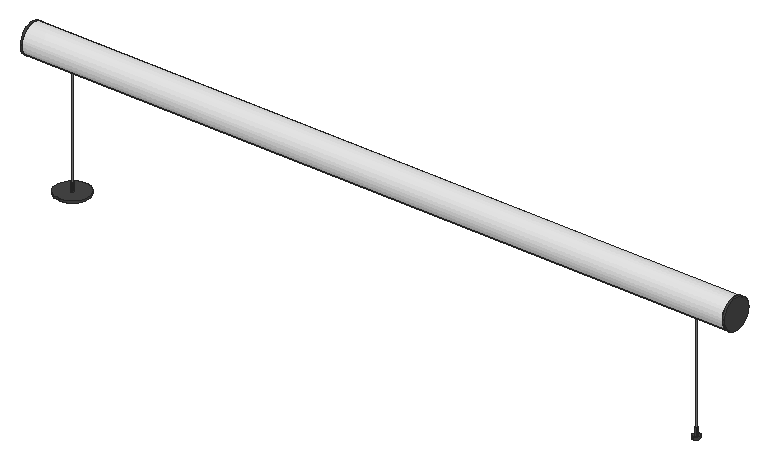
Revit family "Lighting-Linear-Baso-Tubo_Surface_Suspended", category Lighting Fixtures, host Face, Revit 2020 (continued)
Types in the file's own list only (360): name | Wattage Comments | Suspended | Photometric File Name | Mounting Method | Lumens Output | Length | C Length | Model | CRI | CCT | Apparent Load
  TUBO-PDT-GR-OP-35K-C90-UNV-010V-1050LF-24IN | "15W" | Yes | "generic.ies" | "Suspended" | "1050lm/ft" | 2' - 0" | 2' - 0" | "TUBO-PDT-GR-OP-35K-C90-UNV-010V-1050LF-24IN" | "CRI>90" | "3500K" | 17 VA
  TUBO-PDT-GR-OP-35K-C90-UNV-010V-1050LF-48IN | "31W" | Yes | "BASO__20_06_TUBO-DIR-OP-35K-1000LF-48IN.ies" | "Suspended" | "1050lm/ft" | 4' - 0" | 4' - 0" | "TUBO-PDT-GR-OP-35K-C90-UNV-010V-1050LF-48IN" | "CRI>90" | "3500K" | 34 VA
  TUBO-PDT-GR-OP-35K-C90-UNV-010V-1050LF-72IN | "46W" | Yes | "generic.ies" | "Suspended" | "1050lm/ft" | 6' - 0" | 6' - 0" | "TUBO-PDT-GR-OP-35K-C90-UNV-010V-1050LF-72IN" | "CRI>90" | "3500K" | 51 VA
  TUBO-PDT-GR-OP-35K-C90-UNV-010V-1050LF-96IN | "61W" | Yes | "BASO__20_06_TUBO-DIR-OP-35K-1000LF-96IN.ies" | "Suspended" | "1050lm/ft" | 8' - 0" | 8' - 0" | "TUBO-PDT-GR-OP-35K-C90-UNV-010V-1050LF-96IN" | "CRI>90" | "3500K" | 68 VA
  TUBO-PDT-GR-OP-35K-C90-UNV-010V-1050LF-XXIN | "77W" | Yes | "generic.ies" | "Suspended" | "1050lm/ft" | 2' - 0" | 2' - 0" | "TUBO-PDT-GR-OP-35K-C90-UNV-010V-1050LF-XXIN" | "CRI>90" | "3500K" | 86 VA
  TUBO-PDT-GR-OP-40K-C80-UNV-010V-0680LF-24IN | "9W" | Yes | "generic.ies" | "Suspended" | "680lm/ft" | 2' - 0" | 2' - 0" | "TUBO-PDT-GR-OP-40K-C80-UNV-010V-0680LF-24IN" | "CRI>80" | "4000K" | 10 VA
  TUBO-PDT-GR-OP-40K-C80-UNV-010V-0680LF-48IN | "19W" | Yes | "BASO__20_06_TUBO-DIR-OP-40K-0600LF-48IN.ies" | "Suspended" | "680lm/ft" | 4' - 0" | 4' - 0" | "TUBO-PDT-GR-OP-40K-C80-UNV-010V-0680LF-48IN" | "CRI>80" | "4000K" | 21 VA
  TUBO-PDT-GR-OP-40K-C80-UNV-010V-0680LF-72IN | "29W" | Yes | "generic.ies" | "Suspended" | "680lm/ft" | 6' - 0" | 6' - 0" | "TUBO-PDT-GR-OP-40K-C80-UNV-010V-0680LF-72IN" | "CRI>80" | "4000K" | 32 VA
  TUBO-PDT-GR-OP-40K-C80-UNV-010V-0680LF-96IN | "38W" | Yes | "BASO__20_06_TUBO-DIR-OP-40K-0600LF-96IN.ies" | "Suspended" | "680lm/ft" | 8' - 0" | 8' - 0" | "TUBO-PDT-GR-OP-40K-C80-UNV-010V-0680LF-96IN" | "CRI>80" | "4000K" | 42 VA
  TUBO-PDT-GR-OP-40K-C80-UNV-010V-0680LF-XXIN | "47W" | Yes | "generic.ies" | "Suspended" | "680lm/ft" | 2' - 0" | 2' - 0" | "TUBO-PDT-GR-OP-40K-C80-UNV-010V-0680LF-XXIN" | "CRI>80" | "4000K" | 52 VA
  TUBO-PDT-GR-OP-40K-C80-UNV-010V-1050LF-24IN | "15W" | Yes | "generic.ies" | "Suspended" | "1050lm/ft" | 2' - 0" | 2' - 0" | "TUBO-PDT-GR-OP-40K-C80-UNV-010V-1050LF-24IN" | "CRI>80" | "4000K" | 17 VA
  TUBO-PDT-GR-OP-40K-C80-UNV-010V-1050LF-48IN | "31W" | Yes | "BASO__20_06_TUBO-DIR-OP-40K-1000LF-48IN.ies" | "Suspended" | "1050lm/ft" | 4' - 0" | 4' - 0" | "TUBO-PDT-GR-OP-40K-C80-UNV-010V-1050LF-48IN" | "CRI>80" | "4000K" | 34 VA
  TUBO-PDT-GR-OP-40K-C80-UNV-010V-1050LF-72IN | "46W" | Yes | "generic.ies" | "Suspended" | "1050lm/ft" | 6' - 0" | 6' - 0" | "TUBO-PDT-GR-OP-40K-C80-UNV-010V-1050LF-72IN" | "CRI>80" | "4000K" | 51 VA
  TUBO-PDT-GR-OP-40K-C80-UNV-010V-1050LF-96IN | "61W" | Yes | "BASO__20_06_TUBO-DIR-OP-40K-1000LF-96IN.ies" | "Suspended" | "1050lm/ft" | 8' - 0" | 8' - 0" | "TUBO-PDT-GR-OP-40K-C80-UNV-010V-1050LF-96IN" | "CRI>80" | "4000K" | 68 VA
  TUBO-PDT-GR-OP-40K-C80-UNV-010V-1050LF-XXIN | "77W" | Yes | "generic.ies" | "Suspended" | "1050lm/ft" | 2' - 0" | 2' - 0" | "TUBO-PDT-GR-OP-40K-C80-UNV-010V-1050LF-XXIN" | "CRI>80" | "4000K" | 86 VA
  TUBO-PDT-GR-OP-40K-C90-UNV-010V-0680LF-24IN | "9W" | Yes | "generic.ies" | "Suspended" | "680lm/ft" | 2' - 0" | 2' - 0" | "TUBO-PDT-GR-OP-40K-C90-UNV-010V-0680LF-24IN" | "CRI>90" | "4000K" | 10 VA
  TUBO-PDT-GR-OP-40K-C90-UNV-010V-0680LF-48IN | "19W" | Yes | "BASO__20_06_TUBO-DIR-OP-40K-0600LF-48IN.ies" | "Suspended" | "680lm/ft" | 4' - 0" | 4' - 0" | "TUBO-PDT-GR-OP-40K-C90-UNV-010V-0680LF-48IN" | "CRI>90" | "4000K" | 21 VA
  TUBO-PDT-GR-OP-40K-C90-UNV-010V-0680LF-72IN | "29W" | Yes | "generic.ies" | "Suspended" | "680lm/ft" | 6' - 0" | 6' - 0" | "TUBO-PDT-GR-OP-40K-C90-UNV-010V-0680LF-72IN" | "CRI>90" | "4000K" | 32 VA
  TUBO-PDT-GR-OP-40K-C90-UNV-010V-0680LF-96IN | "38W" | Yes | "BASO__20_06_TUBO-DIR-OP-40K-0600LF-96IN.ies" | "Suspended" | "680lm/ft" | 8' - 0" | 8' - 0" | "TUBO-PDT-GR-OP-40K-C90-UNV-010V-0680LF-96IN" | "CRI>90" | "4000K" | 42 VA
  TUBO-PDT-GR-OP-40K-C90-UNV-010V-0680LF-XXIN | "47W" | Yes | "generic.ies" | "Suspended" | "680lm/ft" | 2' - 0" | 2' - 0" | "TUBO-PDT-GR-OP-40K-C90-UNV-010V-0680LF-XXIN" | "CRI>90" | "4000K" | 52 VA
  TUBO-PDT-GR-OP-40K-C90-UNV-010V-1050LF-24IN | "15W" | Yes | "generic.ies" | "Suspended" | "1050lm/ft" | 2' - 0" | 2' - 0" | "TUBO-PDT-GR-OP-40K-C90-UNV-010V-1050LF-24IN" | "CRI>90" | "4000K" | 17 VA
  TUBO-PDT-GR-OP-40K-C90-UNV-010V-1050LF-48IN | "31W" | Yes | "BASO__20_06_TUBO-DIR-OP-40K-1000LF-48IN.ies" | "Suspended" | "1050lm/ft" | 4' - 0" | 4' - 0" | "TUBO-PDT-GR-OP-40K-C90-UNV-010V-1050LF-48IN" | "CRI>90" | "4000K" | 34 VA
  TUBO-PDT-GR-OP-40K-C90-UNV-010V-1050LF-72IN | "46W" | Yes | "generic.ies" | "Suspended" | "1050lm/ft" | 6' - 0" | 6' - 0" | "TUBO-PDT-GR-OP-40K-C90-UNV-010V-1050LF-72IN" | "CRI>90" | "4000K" | 51 VA
  TUBO-PDT-GR-OP-40K-C90-UNV-010V-1050LF-96IN | "61W" | Yes | "BASO__20_06_TUBO-DIR-OP-40K-1000LF-96IN.ies" | "Suspended" | "1050lm/ft" | 8' - 0" | 8' - 0" | "TUBO-PDT-GR-OP-40K-C90-UNV-010V-1050LF-96IN" | "CRI>90" | "4000K" | 68 VA
  TUBO-PDT-GR-OP-40K-C90-UNV-010V-1050LF-XXIN | "77W" | Yes | "generic.ies" | "Suspended" | "1050lm/ft" | 2' - 0" | 2' - 0" | "TUBO-PDT-GR-OP-40K-C90-UNV-010V-1050LF-XXIN" | "CRI>90" | "4000K" | 86 VA
